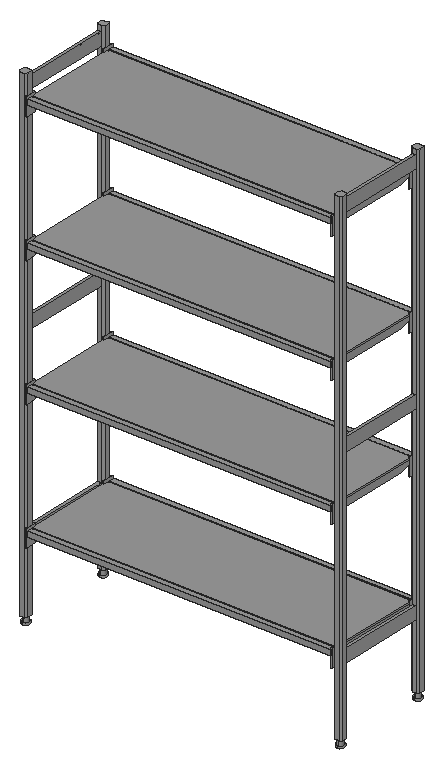
Revit family "QF_ZANUSSI_137014_ALS1126", category Attrezzature speciali, Revit 2020
Family settings
  Quota connettore circolare = Usa diametro
  Tipo di parte = Normale
  Basato su piano di lavoro = No
  Sempre verticale = Sì
  Taglio con vuoti quando caricato = No
  Condiviso = No
  Punto di calcolo locali = No
Parameters (values of type "Standard")
  Weight = 20.00 kg
  Watts = 0 W
  Volts = 0 V
  URL Manufacturer = "http://www.zanussiprofessional.com"
  URL = "http://www.zanussiprofessional.com"
  Steam Supply Size = 0 mm
  Steam Supply Minimum Pressure = 0.0 Pa
  Steam Supply Maximum Pressure = 0.0 Pa
  Steam Consumption per Hour = 0
  Refrigeration Suction Line Size = 0.0 mm
  Refrigeration Liquid Line Size = 0.0 mm
  Refrigerant Compressor Remote = yes
  Prospetto di default = 0.0 mm
  Phase = 0
  Modello = "ALS1126"
  Produttore = "Zanussi"
  Length Actual = 1126.0 mm  # constant formula
  Item Number = "137014"
  Hot Water Size = 0 mm
  Height Actual = 1700.0 mm  # constant formula
  HP = "0 HP"
  Gas Size = 0 mm
  Gas KW = 0
  Gas Input Pressure = 0 W
  Direct Waste Size = 0 mm
  Descrizione = "ALUM.LINEAR SHELV.-POLY.TIERS-373X1126MM"
  Depth Actual = 373.0 mm  # constant formula
  Cycle = 0 Hz
  Condensate Return Size = 0 mm
  Compressed Air Volume = 0.0 L/s
  Compressed Air Size = 0 mm
  Compressed Air Pressure = 0.0 Pa
  Cold Water Size = 0 mm
  Accessory = yes
Reference planes
  plane 1: z = 0
  plane 2 "Center (Left/Right)": x = -31
  plane 3 "LEFT": x = -594
  plane 4 "RIGHT": x = 532
  plane 5 "BACK": y = 23
  plane 6 "FRONT": y = -350
  plane 7 "TOP": z = 1700
  plane 8: x = 527
  plane 9: x = -562
  plane 10: x = 500
  plane 11 "Center (Front/Back)": y = -163.5
  plane 12: x = 495
  plane 13: y = -8.5
  plane 14: y = -318.5
  plane 15 "FEET": z = 25
  plane 16: z = 275
  plane 17: z = 725
  plane 18: z = 1175
  plane 19: z = 1625
  plane 20 "CXLeft": x = -580
  plane 21 "CXRight": x = 518
  plane 22: y = 5.5
  plane 23 "CYBack": y = 5.5
  plane 24 "CYFront": y = -332.5
Forms (mm)
  Extrusion 1, solid, material "QF_Aluminum"
    sketch origin (-594, 0, 0) x (0, 1, 0) y (0, 0, 1)
      loop
        line (4, 1650.994) -> (4, 1632.998) -> (23, 1632.998) -> (23, 1650.994) -> (4, 1650.994)
      loop
        line (-331, 1650.994) -> (-350, 1650.994) -> (-350, 1632.998) -> (-331, 1632.998) -> (-331, 1650.994)
      loop
        line (4, 1200.994) -> (4, 1182.998) -> (23, 1182.998) -> (23, 1200.994) -> (4, 1200.994)
      loop
        line (-331, 1200.994) -> (-350, 1200.994) -> (-350, 1182.998) -> (-331, 1182.998) -> (-331, 1200.994)
      loop
        line (4, 750.994) -> (4, 732.998) -> (23, 732.998) -> (23, 750.994) -> (4, 750.994)
      loop
        line (-331, 750.994) -> (-350, 750.994) -> (-350, 732.998) -> (-331, 732.998) -> (-331, 750.994)
      loop
        line (4, 300.994) -> (4, 282.998) -> (23, 282.998) -> (23, 300.994) -> (4, 300.994)
      loop
        line (-331, 300.994) -> (-350, 300.994) -> (-350, 282.998) -> (-331, 282.998) -> (-331, 300.994)
    from 32 to 1094
  Extrusion 2, solid, material "QF_Polyethylene"
    sketch origin (-594, 0, 0) x (0, 1, 0) y (0, 0, 1)
      loop
        line (2.007, 1650.994) -> (-329, 1650.994) -> (-329, 1644.496) -> (2.007, 1644.496) -> (2.007, 1650.994)
      loop
        line (2.007, 1200.994) -> (-329, 1200.994) -> (-329, 1194.496) -> (2.007, 1194.496) -> (2.007, 1200.994)
      loop
        line (2.007, 750.994) -> (-329, 750.994) -> (-329, 744.496) -> (2.007, 744.496) -> (2.007, 750.994)
      loop
        line (2.007, 300.994) -> (-329, 300.994) -> (-329, 294.496) -> (2.007, 294.496) -> (2.007, 300.994)
    from 32 to 1094
  Extrusion 3, solid, material "QF_Aluminum"
    sketch origin (532, 0, 0) x (0, 1, 0) y (0, 0, 1)
      loop
        line (-12, 1632.998) -> (4, 1632.998) -> (4, 1650.994) -> (2.007, 1650.994) -> (2.007, 1644.496) -> (-329, 1644.496) -> (-329, 1650.994) -> (-331, 1650.994) -> (-331, 1632.998) -> (-315, 1632.998) -> (-281, 1620.994) -> (-46, 1620.994) -> (-12, 1632.998)
      loop
        line (-12, 1182.998) -> (4, 1182.998) -> (4, 1200.994) -> (2.007, 1200.994) -> (2.007, 1194.496) -> (-329, 1194.496) -> (-329, 1200.994) -> (-331, 1200.994) -> (-331, 1182.998) -> (-315, 1182.998) -> (-281, 1170.994) -> (-46, 1170.994) -> (-12, 1182.998)
      loop
        line (-12, 732.998) -> (4, 732.998) -> (4, 750.994) -> (2.007, 750.994) -> (2.007, 744.496) -> (-329, 744.496) -> (-329, 750.994) -> (-331, 750.994) -> (-331, 732.998) -> (-315, 732.998) -> (-281, 720.994) -> (-46, 720.994) -> (-12, 732.998)
      loop
        line (-12, 282.998) -> (4, 282.998) -> (4, 300.994) -> (2.007, 300.994) -> (2.007, 294.496) -> (-329, 294.496) -> (-329, 300.994) -> (-331, 300.994) -> (-331, 282.998) -> (-315, 282.998) -> (-281, 270.994) -> (-46, 270.994) -> (-12, 282.998)
    from -32 to -37
Lines and regions (mm)
  symbolic lines
    curve 1: line (500, 4, 1700) -> (-562, 4, 1700)
    curve 2: line (-566, 23, 1700) -> (504, 23, 1700)
    curve 3: line (504, 13.246, 1700) -> (510.254, 19.5, 1700)
    curve 4: line (510.254, -8.5, 1700) -> (504, -2.246, 1700)
    curve 5: line (510.254, -318.5, 1700) -> (504, -324.754, 1700)
    curve 6: line (-566, -350, 1700) -> (504, -350, 1700)
    curve 7: line (504, 23, 1700) -> (504, -12.993, 1700)
    curve 8: line (504, -12.993, 1700) -> (500, -12.993, 1700)
    curve 9: line (504, -350, 1700) -> (504, -314.007, 1700)
    curve 10: line (504, -314.007, 1700) -> (500, -314.007, 1700)
    curve 11: line (-562, -12.993, 1700) -> (-562, -314.007, 1700)
    curve 12: line (-562, -331, 1700) -> (500, -331, 1700)
    curve 13: line (500, -12.993, 1700) -> (500, -314.007, 1700)
Dimensions and locks
  locked: plane 3 "LEFT" to plane 4 "RIGHT" at 1126
  equal spacing: plane 3 "LEFT", plane 2 "Center (Left/Right)", plane 4 "RIGHT"
  locked: plane 7 "TOP" to level at 1700
  locked: plane 5 "BACK" to plane 6 "FRONT" at 373
  locked: plane 4 "RIGHT" to plane 8 at 5
  locked: plane 9 to plane 10 at 1062
  locked: plane 3 "LEFT" to plane 9 at 32
  plane 12 to plane 10 = 5.0 mm
  locked: plane 13 to plane 14 at 310
  equal spacing: plane 13, plane 11 "Center (Front/Back)", plane 14
  equal spacing: plane 5 "BACK", plane 11 "Center (Front/Back)", plane 6 "FRONT"
  plane 15 "FEET" to level = 25.0 mm
  plane 7 "TOP" to plane 15 "FEET" = 1675.0 mm
  plane 16 to plane 15 "FEET" = 250.0 mm
  plane 17 to plane 16 = 450.0 mm
  plane 18 to plane 17 = 450.0 mm
  plane 19 to plane 18 = 450.0 mm
  locked: plane 3 "LEFT" to plane 20 "CXLeft" at 14
  locked: plane 21 "CXRight" to plane 4 "RIGHT" at 14
  locked: plane 5 "BACK" to plane 23 "CYBack" at 17.5
  locked: plane 24 "CYFront" to plane 6 "FRONT" at 17.5
  aligned and locked: level to plane 1
  aligned and locked: plane 9 to Extrusion 2
  aligned and locked: Extrusion 2 to plane 10
  aligned and locked: plane 9 to Extrusion 1
  aligned and locked: Extrusion 1 to plane 10
  aligned and locked: Extrusion 1 sketch curve to Extrusion 1 sketch curve  (x2)
  aligned and locked: Extrusion 3 sketch curve to Extrusion 3 sketch curve  (x3)
  aligned and locked: Extrusion 3 to plane 12
  aligned and locked: Extrusion 3 to plane 10
  aligned and locked: plane 20 "CXLeft" to nested 1
  aligned and locked: plane 21 "CXRight" to nested 2
Automatic sketch dimensions
  Extrusion 1 sketch curve to plane 6 "FRONT" = 0.0 mm  (x4)
  Extrusion 1 sketch curve to plane 5 "BACK" = 0.0 mm  (x4)
  plane 24 "CYFront" to Extrusion 1 sketch curve = 1.5 mm  (x2)
  plane 22 to Extrusion 1 sketch curve = 1.5 mm  (x4)
  plane 16 to Extrusion 1 sketch curve = 7.998 mm  (x2)
  Extrusion 1 sketch curve to Extrusion 1 sketch curve = 17.997 mm  (x8)
  plane 17 to Extrusion 1 sketch curve = 7.998 mm  (x2)
  plane 18 to Extrusion 1 sketch curve = 7.998 mm  (x2)
  plane 19 to Extrusion 1 sketch curve = 7.998 mm  (x2)
  plane 24 "CYFront" to Extrusion 2 sketch curve = 3.5 mm  (x4)
  plane 22 to Extrusion 2 sketch curve = 3.493 mm  (x4)
  plane 16 to Extrusion 2 sketch curve = 19.496 mm
  Extrusion 2 sketch curve to Extrusion 2 sketch curve = 6.499 mm  (x4)
  plane 17 to Extrusion 2 sketch curve = 19.496 mm
  plane 18 to Extrusion 2 sketch curve = 19.496 mm
  plane 19 to Extrusion 2 sketch curve = 19.496 mm
  plane 24 "CYFront" to Extrusion 3 sketch curve = 1.5 mm  (x4)
  Extrusion 3 sketch curve to Extrusion 3 sketch curve = 2.0 mm
  plane 14 to Extrusion 3 sketch curve = 3.5 mm  (x4)
  Extrusion 3 sketch curve to plane 16 = 4.006 mm
  Extrusion 3 sketch curve to Extrusion 3 sketch curve = 34.0 mm  (x4)
  Extrusion 3 sketch curve to plane 17 = 4.006 mm
  Extrusion 3 sketch curve to plane 18 = 4.006 mm
  Extrusion 3 sketch curve to plane 19 = 4.006 mm
  Extrusion 3 sketch curve to plane 13 = 37.5 mm  (x4)
  Extrusion 3 sketch curve to plane 13 = 3.5 mm  (x4)
  plane 22 to Extrusion 3 sketch curve = 3.493 mm  (x4)
  plane 22 to Extrusion 3 sketch curve = 1.5 mm  (x4)
  plane 16 to Extrusion 3 sketch curve = 7.998 mm  (x2)
  Extrusion 3 sketch curve to Extrusion 3 sketch curve = 11.498 mm  (x4)
  Extrusion 3 sketch curve to Extrusion 3 sketch curve = 6.499 mm  (x8)
  plane 17 to Extrusion 3 sketch curve = 7.998 mm  (x2)
  plane 18 to Extrusion 3 sketch curve = 7.998 mm  (x2)
  plane 19 to Extrusion 3 sketch curve = 7.998 mm  (x2)
  curve 6 to plane 6 "FRONT" = 0.0 mm
  curve 12 to plane 9 = 0.0 mm
  curve 12 to plane 10 = 0.0 mm
  curve 5 to plane 14 = 0.0 mm
  curve 11 to plane 9 = 0.0 mm
  curve 8 to plane 10 = 0.0 mm
  curve 4 to plane 13 = 0.0 mm
  curve 1 to plane 9 = 0.0 mm
  curve 1 to plane 10 = 0.0 mm
  curve 2 to plane 5 "BACK" = 0.0 mm
  plane 14 to curve 10 = 4.493 mm
  curve 7 to plane 13 = 4.493 mm
  curve 10 to plane 10 = 4.0 mm
  curve 7 to plane 10 = 4.0 mm
  plane 24 "CYFront" to curve 12 = 1.5 mm
  curve 5 to plane 14 = 6.254 mm
  plane 14 to curve 11 = 4.493 mm
  curve 11 to plane 13 = 4.493 mm
  plane 13 to curve 4 = 6.254 mm
  plane 22 to curve 1 = 1.5 mm
  curve 3 to plane 22 = 7.746 mm
  curve 3 to plane 5 "BACK" = 3.5 mm
  curve 5 to curve 9 = 6.254 mm
  curve 3 to curve 2 = 6.254 mm
  curve 4 to curve 7 = 6.254 mm
  plane 9 to curve 2 = 4.0 mm
  plane 9 to curve 6 = 4.0 mm
Nested families
  nested 1: "WT_Anta373" at (-177, 0, 0), type "WT_Anta373"
  nested 2: "WT_Anta373" at (115, 0, 0) x (-1, 0, 0) z (0, 0, 1), type "WT_Anta373"
Definition of nested family "WT_Anta373"
  Parameters
    WidthLeft = A + 64.0 mm  # 772.0 mm
    Width = 1606.0 mm
    Right = WidthLeft / 2  # 386.0 mm
    Default Elevation = 0.0 mm
    Left = -WidthLeft / 2  # -386.0 mm
    Height = 1725.0 mm
    FEET = 25.0 mm
    E = 0.0 mm
    Dint = Depth - 63.0 mm  # 310.0 mm
    Dext = Depth - 8.0 mm  # 365.0 mm
    Depth = 373.0 mm
    DX = (WidthLeft - A) / 2  # 32.0 mm
    B = 798.0 mm
    A = 708.0 mm
  Reference planes
    plane 1: z = 0
    plane 2 "LEFT": x = -417
    plane 3 "BACK": y = 23
    plane 4 "FRONT": y = -350
    plane 5 "TOP": z = 1725
    plane 6 "Center (Front/Back)": y = -163.5
    plane 7: y = -8.5
    plane 8: y = -318.5
    plane 9 "FEET": z = 25
    plane 10: z = 275
    plane 11: z = 725
    plane 12: z = 1175
    plane 13: z = 1625
    plane 14 "CXLeft": x = -403
    plane 15: y = 5.5
    plane 16 "CYBack": y = 5.5
    plane 17 "CYFront": y = -332.5
    plane 18: x = -385.031
    plane 19: x = -380.031
  Forms (mm)
    Extrusion 1, solid
      sketch origin (0, 0, 0) x (1, 0, 0) y (0, 1, 0)
        loop
          line (-417, 13.246) -> (-417, -2.246) -> (-410.746, -8.5) -> (-395.254, -8.5) -> (-389, -2.246) -> (-389, 13.246) -> (-395.254, 19.5) -> (-410.746, 19.5) -> (-417, 13.246)
      from 1725 to 25
    Extrusion 2, solid
      sketch origin (-417, 0, 0) x (0, 1, 0) y (0, 0, 1)
        loop
          line (23, 246.005) -> (23, 307.993) -> (-12.993, 307.993) -> (-12.993, 246.005) -> (23, 246.005)
        loop
          line (-350, 246.005) -> (-314.007, 246.005) -> (-314.007, 307.993) -> (-350, 307.993) -> (-350, 246.005)
        loop
          line (23, 696.005) -> (23, 757.993) -> (-12.993, 757.993) -> (-12.993, 696.005) -> (23, 696.005)
        loop
          line (-350, 696.005) -> (-314.007, 696.005) -> (-314.007, 757.993) -> (-350, 757.993) -> (-350, 696.005)
        loop
          line (23, 1146.005) -> (23, 1207.993) -> (-12.993, 1207.993) -> (-12.993, 1146.005) -> (23, 1146.005)
        loop
          line (-350, 1146.005) -> (-314.007, 1146.005) -> (-314.007, 1207.993) -> (-350, 1207.993) -> (-350, 1146.005)
        loop
          line (23, 1596.005) -> (23, 1657.993) -> (-12.993, 1657.993) -> (-12.993, 1596.005) -> (23, 1596.005)
        loop
          line (-350, 1596.005) -> (-314.007, 1596.005) -> (-314.007, 1657.993) -> (-350, 1657.993) -> (-350, 1596.005)
      from 28 to 32
    Revolve 3, solid
      sketch origin (-403, 0, 0) x (0, 1, 0) y (0, 0, 1)
        loop
          line (5.5, 25) -> (5.5, 0) -> (19, 0) -> (19, 5) -> (14, 5) -> (14, 25) -> (5.5, 25)
        axis (5.5, 25) -> (5.5, 0)
      angle from 0 to 360
    Extrusion 4, solid
      sketch origin (-403, 0, 0) x (0, 1, 0) y (0, 0, 1)
        loop
          line (-8.5, 912.382) -> (-8.5, 957.374) -> (-318.5, 957.374) -> (-318.5, 912.382) -> (-8.5, 912.382)
        loop
          line (-8.5, 1662.244) -> (-8.5, 1707.236) -> (-318.5, 1707.236) -> (-318.5, 1662.244) -> (-8.5, 1662.244)
      from -5 to 5
    Revolve 5, solid
      sketch origin (-403, -627, 0) x (0, -1, 0) y (0, 0, 1)
        loop
          line (-294.5, 25) -> (-294.5, 0) -> (-281, 0) -> (-281, 5) -> (-286, 5) -> (-286, 25) -> (-294.5, 25)
        axis (-294.5, 25) -> (-294.5, 0)
      angle from 0 to 360
    Extrusion 6, solid
      sketch origin (0, -627, 0) x (1, 0, 0) y (0, 1, 0)
        loop
          line (-417, 286.754) -> (-410.746, 280.5) -> (-395.254, 280.5) -> (-389, 286.754) -> (-389, 302.246) -> (-395.254, 308.5) -> (-410.746, 308.5) -> (-417, 302.246) -> (-417, 286.754)
      from 1725 to 25
    Extrusion 7, solid
      sketch origin (-417.031, -0.022, 0) x (0, 1, 0) y (0, 0, -1)
        loop
          line (-12, -1632.998) -> (-46, -1620.994) -> (-281, -1620.994) -> (-315, -1632.998) -> (-331, -1632.998) -> (-331, -1650.994) -> (-329, -1650.994) -> (-329, -1644.496) -> (2.007, -1644.496) -> (2.007, -1650.994) -> (4, -1650.994) -> (4, -1632.998) -> (-12, -1632.998)
        loop
          line (-12, -1182.998) -> (-46, -1170.994) -> (-281, -1170.994) -> (-315, -1182.998) -> (-331, -1182.998) -> (-331, -1200.994) -> (-329, -1200.994) -> (-329, -1194.496) -> (2.007, -1194.496) -> (2.007, -1200.994) -> (4, -1200.994) -> (4, -1182.998) -> (-12, -1182.998)
        loop
          line (-12, -732.998) -> (-46, -720.994) -> (-281, -720.994) -> (-315, -732.998) -> (-331, -732.998) -> (-331, -750.994) -> (-329, -750.994) -> (-329, -744.496) -> (2.007, -744.496) -> (2.007, -750.994) -> (4, -750.994) -> (4, -732.998) -> (-12, -732.998)
        loop
          line (-12, -282.998) -> (-46, -270.994) -> (-281, -270.994) -> (-315, -282.998) -> (-331, -282.998) -> (-331, -300.994) -> (-329, -300.994) -> (-329, -294.496) -> (2.007, -294.496) -> (2.007, -300.994) -> (4, -300.994) -> (4, -282.998) -> (-12, -282.998)
      from -32 to -37
    Extrusion 8, solid
      sketch origin (-403, 0, -659.878) x (0, 1, 0) y (0, 0, 1)
        loop
          line (-8.5, 912.382) -> (-8.5, 957.374) -> (-318.5, 957.374) -> (-318.5, 912.382) -> (-8.5, 912.382)
        loop
          line (-8.5, 1572.382) -> (-8.5, 1617.374) -> (-318.5, 1617.374) -> (-318.5, 1572.382) -> (-8.5, 1572.382)
        loop
          line (-8.5, 2322.382) -> (-8.5, 2367.374) -> (-318.5, 2367.374) -> (-318.5, 2322.382) -> (-8.5, 2322.382)
      from -5 to 5
  Lines and regions (mm)
    symbolic lines
      curve 1: line (-408, -8.5, 1725) -> (-408, -318.5, 1725)
      curve 2: line (-398, -318.5, 1725) -> (-398, -8.5, 1725)
      curve 3: line (-395.254, -8.5, 1725) -> (-410.746, -8.5, 1725)
      curve 4: line (-417, -2.246, 1725) -> (-410.746, -8.5, 1725)
      curve 5: line (-417, 13.246, 1725) -> (-417, -2.246, 1725)
      curve 6: line (-410.746, 19.5, 1725) -> (-417, 13.246, 1725)
      curve 7: line (-395.254, 19.5, 1725) -> (-410.746, 19.5, 1725)
      curve 8: line (-389, 13.246, 1725) -> (-395.254, 19.5, 1725)
      curve 9: line (-395.254, -8.5, 1725) -> (-389, -2.246, 1725)
      curve 10: line (-395.254, -318.5, 1725) -> (-410.746, -318.5, 1725)
      curve 11: line (-417, -324.754, 1725) -> (-410.746, -318.5, 1725)
      curve 12: line (-410.746, -346.5, 1725) -> (-417, -340.246, 1725)
      curve 13: line (-395.254, -346.5, 1725) -> (-410.746, -346.5, 1725)
      curve 14: line (-389, -340.246, 1725) -> (-395.254, -346.5, 1725)
      curve 15: line (-395.254, -318.5, 1725) -> (-389, -324.754, 1725)
      curve 16: line (-389, -350, 1725) -> (-389, -314.007, 1725)
      curve 17: line (-389, -314.007, 1725) -> (-385, -314.007, 1725)
      curve 18: line (-389, 23, 1725) -> (-389, -12.993, 1725)
      curve 19: line (-389, -12.993, 1725) -> (-385, -12.993, 1725)
      curve 20: line (-417, -324.754, 1725) -> (-417, -340.246, 1725)
      curve 21: line (-385, -350, 1725) -> (-385, -314.007, 1725)
      curve 22: line (-385, -350, 1725) -> (-389, -350, 1725)
      curve 23: line (-385, 23, 1725) -> (-389, 23, 1725)
      curve 24: line (-385, -12.993, 1725) -> (-385, 23, 1725)
      curve 25: line (-385.031, -13.016, 1725) -> (-385.031, -314.029, 1725)
  Dimensions and locks
    "Height": plane 5 "TOP" to level
    "Depth": plane 3 "BACK" to plane 4 "FRONT"
    "Dint": plane 7 to plane 8
    equal spacing: plane 7, plane 6 "Center (Front/Back)", plane 8
    equal spacing: plane 3 "BACK", plane 6 "Center (Front/Back)", plane 4 "FRONT"
    plane 9 "FEET" to level = 25.0 mm
    plane 5 "TOP" to plane 9 "FEET" = 1700.0 mm
    plane 10 to plane 9 "FEET" = 250.0 mm
    plane 11 to plane 10 = 450.0 mm
    plane 12 to plane 11 = 450.0 mm
    plane 13 to plane 12 = 450.0 mm
    locked: plane 2 "LEFT" to plane 14 "CXLeft" at 14
    locked: plane 3 "BACK" to plane 16 "CYBack" at 17.5
    locked: plane 17 "CYFront" to plane 4 "FRONT" at 17.5
    locked: Revolve 3 sketch curve to Revolve 3 sketch curve at 8.5
    locked: Revolve 3 sketch curve to plane 16 "CYBack" at 13.5
    locked: Revolve 5 sketch curve to Revolve 5 sketch curve at 8.5
    aligned and locked: level to plane 1
    aligned and locked: curve 20 to Extrusion 6
    aligned and locked: plane 5 "TOP" to Extrusion 1
    aligned and locked: plane 5 "TOP" to Extrusion 6
    aligned and locked: Extrusion 7 sketch curve to Extrusion 7 sketch curve  (x3)
  Automatic sketch dimensions
    curve 16 to plane 4 "FRONT" = 0.0 mm
    curve 11 to plane 8 = 0.0 mm
    curve 9 to plane 7 = 0.0 mm
    curve 5 to plane 2 "LEFT" = 0.0 mm
    curve 23 to plane 3 "BACK" = 0.0 mm
    plane 4 "FRONT" to curve 13 = 3.5 mm
    curve 20 to plane 17 "CYFront" = 7.746 mm
    curve 20 to plane 8 = 6.254 mm
    plane 8 to curve 16 = 4.493 mm
    curve 24 to plane 18 = 0.031 mm
    curve 24 to plane 7 = 4.493 mm
    plane 7 to curve 5 = 6.254 mm
    curve 5 to plane 15 = 7.746 mm
    curve 6 to plane 3 "BACK" = 3.5 mm
    curve 21 to plane 18 = 0.031 mm
    plane 18 to curve 23 = 3.969 mm
    plane 18 to curve 16 = 3.969 mm
    curve 18 to curve 8 = 6.254 mm
    curve 18 to curve 3 = 6.254 mm
    curve 16 to curve 13 = 6.254 mm
    curve 16 to curve 15 = 6.254 mm
    plane 2 "LEFT" to curve 10 = 6.254 mm
    plane 2 "LEFT" to curve 7 = 6.254 mm
    plane 2 "LEFT" to curve 12 = 6.254 mm
    plane 2 "LEFT" to curve 3 = 6.254 mm
    curve 14 to plane 17 "CYFront" = 7.746 mm
    curve 15 to plane 8 = 6.254 mm
    plane 7 to curve 9 = 6.254 mm
    curve 8 to plane 15 = 7.746 mm
    curve 3 to curve 2 = 2.746 mm
    curve 1 to curve 10 = 2.746 mm
    Extrusion 1 sketch curve to plane 2 "LEFT" = 0.0 mm
    Extrusion 1 sketch curve to plane 7 = 0.0 mm
    plane 2 "LEFT" to Extrusion 1 sketch curve = 6.254 mm  (x2)
    plane 14 "CXLeft" to Extrusion 1 sketch curve = 7.746 mm  (x2)
    Extrusion 1 sketch curve to plane 3 "BACK" = 3.5 mm
    plane 18 to Extrusion 1 sketch curve = 3.969 mm
    plane 7 to Extrusion 1 sketch curve = 6.254 mm  (x2)
    Extrusion 1 sketch curve to plane 15 = 7.746 mm  (x2)
    Extrusion 2 sketch curve to plane 4 "FRONT" = 0.0 mm  (x4)
    Extrusion 2 sketch curve to plane 3 "BACK" = 0.0 mm  (x4)
    plane 8 to Extrusion 2 sketch curve = 4.493 mm  (x4)
    Extrusion 2 sketch curve to plane 7 = 4.493 mm  (x4)
    Extrusion 2 sketch curve to plane 10 = 28.995 mm  (x2)
    plane 10 to Extrusion 2 sketch curve = 32.993 mm  (x2)
    Extrusion 2 sketch curve to plane 11 = 28.995 mm  (x2)
    plane 11 to Extrusion 2 sketch curve = 32.993 mm  (x2)
    Extrusion 2 sketch curve to plane 12 = 28.995 mm  (x2)
    plane 12 to Extrusion 2 sketch curve = 32.993 mm  (x2)
    Extrusion 2 sketch curve to plane 13 = 28.995 mm  (x2)
    plane 13 to Extrusion 2 sketch curve = 32.993 mm  (x2)
    Revolve 3 sketch curve to plane 9 "FEET" = 0.0 mm  (x2)
    Revolve 3 sketch curve to plane 15 = 0.0 mm  (x2)
    Revolve 3 sketch curve to level = 0.0 mm
    level to Revolve 3 sketch curve = 5.0 mm
    Revolve 3 sketch curve to Revolve 3 sketch curve = 11.655 mm
    Extrusion 4 sketch curve to plane 8 = 0.0 mm  (x2)
    Extrusion 4 sketch curve to plane 7 = 0.0 mm  (x2)
    plane 11 to Extrusion 4 sketch curve = 187.382 mm
    Extrusion 4 sketch curve to Extrusion 4 sketch curve = 44.992 mm
    plane 13 to Extrusion 4 sketch curve = 37.244 mm
    Extrusion 4 sketch curve to plane 5 "TOP" = 17.764 mm
    Revolve 5 sketch curve to plane 9 "FEET" = 0.0 mm  (x2)
    Revolve 5 sketch curve to plane 17 "CYFront" = 0.0 mm  (x2)
    Revolve 5 sketch curve to level = 0.0 mm
    Revolve 5 sketch curve to plane 4 "FRONT" = 4.0 mm
    Revolve 5 sketch curve to Revolve 5 sketch curve = 5.0 mm
    level to Revolve 5 sketch curve = 11.655 mm
    Extrusion 6 sketch curve to plane 2 "LEFT" = 0.0 mm
    Extrusion 6 sketch curve to plane 8 = 0.0 mm
    Extrusion 6 sketch curve to plane 2 "LEFT" = 6.254 mm  (x2)
    Extrusion 6 sketch curve to plane 14 "CXLeft" = 7.746 mm  (x2)
    Extrusion 6 sketch curve to plane 4 "FRONT" = 3.5 mm
    Extrusion 6 sketch curve to plane 18 = 3.969 mm
    plane 8 to Extrusion 6 sketch curve = 6.254 mm  (x2)
    plane 17 "CYFront" to Extrusion 6 sketch curve = 7.746 mm  (x2)
    plane 17 "CYFront" to Extrusion 7 sketch curve = 1.478 mm  (x4)
    Extrusion 7 sketch curve to Extrusion 7 sketch curve = 2.0 mm
    plane 8 to Extrusion 7 sketch curve = 3.478 mm  (x4)
    Extrusion 7 sketch curve to plane 10 = 4.006 mm
    Extrusion 7 sketch curve to Extrusion 7 sketch curve = 34.0 mm  (x4)
    Extrusion 7 sketch curve to plane 11 = 4.006 mm
    Extrusion 7 sketch curve to plane 12 = 4.006 mm
    Extrusion 7 sketch curve to plane 13 = 4.006 mm
    Extrusion 7 sketch curve to plane 7 = 37.522 mm  (x4)
    Extrusion 7 sketch curve to plane 7 = 3.522 mm  (x4)
    plane 15 to Extrusion 7 sketch curve = 3.516 mm  (x4)
    plane 15 to Extrusion 7 sketch curve = 1.522 mm  (x4)
    plane 13 to Extrusion 7 sketch curve = 7.998 mm  (x2)
    Extrusion 7 sketch curve to Extrusion 7 sketch curve = 11.498 mm
    Extrusion 7 sketch curve to Extrusion 7 sketch curve = 6.499 mm  (x5)
    plane 12 to Extrusion 7 sketch curve = 25.994 mm  (x2)
    plane 12 to Extrusion 7 sketch curve = 7.998 mm  (x2)
    plane 11 to Extrusion 7 sketch curve = 25.994 mm  (x2)
    plane 11 to Extrusion 7 sketch curve = 7.998 mm  (x2)
    plane 10 to Extrusion 7 sketch curve = 25.994 mm  (x2)
    plane 10 to Extrusion 7 sketch curve = 7.998 mm  (x2)
    curve 25 to plane 18 = 0.0 mm
    plane 8 to curve 25 = 4.471 mm
    curve 25 to plane 7 = 4.516 mm
    Extrusion 8 sketch curve to plane 8 = 0.0 mm  (x3)
    Extrusion 8 sketch curve to plane 7 = 0.0 mm  (x3)
    Extrusion 8 sketch curve to plane 10 = 22.496 mm
    plane 10 to Extrusion 8 sketch curve = 22.496 mm
    plane 11 to Extrusion 8 sketch curve = 187.504 mm
    Extrusion 8 sketch curve to Extrusion 8 sketch curve = 44.992 mm
    plane 13 to Extrusion 8 sketch curve = 37.504 mm
    Extrusion 8 sketch curve to plane 5 "TOP" = 17.504 mm
